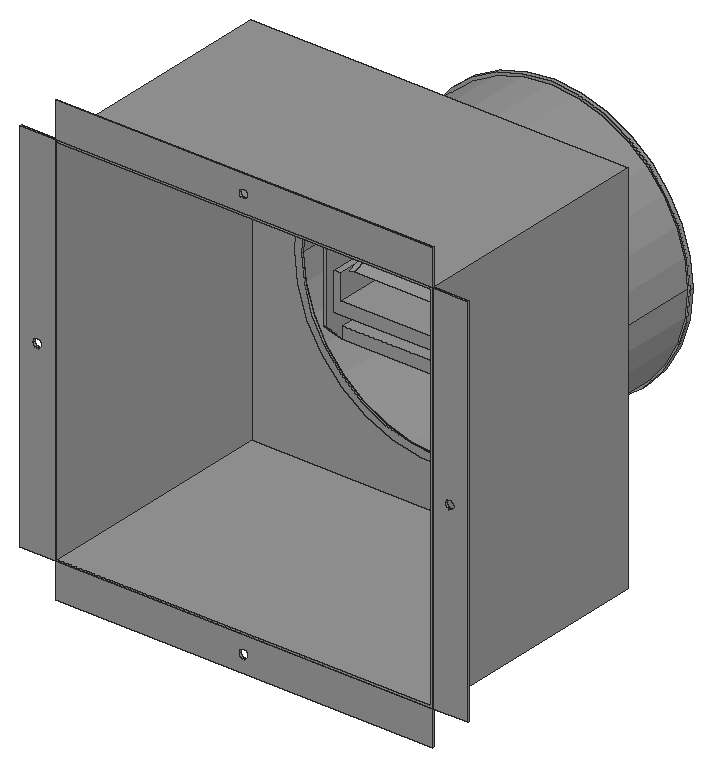
Revit family "CRB-10-S", category Mechanical Equipment, Revit 2015
Parameters (values of type "8 x 8 (6" Damper)")
  URL = "http://unitedenertech.com/catalog/pdf/L_4a%20System%20CRB-10-S.pdf"
  Model = "CRB-10-S"
  Manufacturer = "United Enertech Corporation"
  Keynote = "Arrangement #1 shown, consult factory for alternate arrangement models."
  Hole Radius = 0' - 2 115/128"
  Description = "Constant Volume Regulator for Supply Applications"
  Depth = 0' - 5.19"
  Collar I.D. [instance] = Hole Radius - 0' 0 9/256"  # 0' - 2 221/256"
  Collar Flange [instance] = Hole Radius + 0' 0 1/8"  # 0' - 3 3/128"
  Collar Depth = 0' - 3 3/128"
  CR Type = CR 6 (Sleeveless) : CR 6 (Sleeveless)
  Box Width = 0' - 8"
  Box Height = 0' - 8"
Types (12): name | Hole Radius | Collar I.D. | Collar Flange | Collar Depth | CR Type | Box Width | Box Height
  (no name) | 0' - 2 115/128" | 0' - 2 221/256" | 0' - 3 3/128" | 0' - 3 3/128" | CR 6 (Sleeveless) : CR 6 (Sleeveless) | 0' - 8" | 0' - 8"
  6 x 4 (4" Damper) | 0' - 1 99/128" | 0' - 1 189/256" | 0' - 1 115/128" | 0' - 2 91/256" | CR 4 (Sleeveless) : CR 4 (Sleeveless) | 0' - 6" | 0' - 4"
  6 x 6 (4" Damper) | 0' - 1 99/128" | 0' - 1 189/256" | 0' - 1 115/128" | 0' - 2 91/256" | CR 4 (Sleeveless) : CR 4 (Sleeveless) | 0' - 6" | 0' - 6"
  6 x 6 (5" Damper) | 0' - 2 1/4" | 0' - 2 55/256" | 0' - 2 3/8" | 0' - 1 117/128" | CR 5 (Sleeveless) : CR 5 (Sleeveless) | 0' - 6" | 0' - 6"
  8 x 8 (4" Damper) | 0' - 1 99/128" | 0' - 1 189/256" | 0' - 1 115/128" | 0' - 2 91/256" | CR 4 (Sleeveless) : CR 4 (Sleeveless) | 0' - 8" | 0' - 8"
  8 x 8 (5" Damper) | 0' - 2 1/4" | 0' - 2 55/256" | 0' - 2 3/8" | 0' - 1 117/128" | CR 5 (Sleeveless) : CR 5 (Sleeveless) | 0' - 8" | 0' - 8"
  8 x 8 (6" Damper) | 0' - 2 115/128" | 0' - 2 221/256" | 0' - 3 3/128" | 0' - 3 3/128" | CR 6 (Sleeveless) : CR 6 (Sleeveless) | 0' - 8" | 0' - 8"
  10 x 10 (6" Damper) | 0' - 2 115/128" | 0' - 2 221/256" | 0' - 3 3/128" | 0' - 3 3/128" | CR 6 (Sleeveless) : CR 6 (Sleeveless) | 0' - 10" | 0' - 10"
  10 x 10 (8" Damper) | 0' - 3 101/128" | 0' - 3 193/256" | 0' - 3 117/128" | 0' - 3 3/128" | CR 8 (Sleeveless) : CR 8 (Sleeveless) | 0' - 10" | 0' - 10"
  12 x 12 (8" Damper) | 0' - 3 101/128" | 0' - 3 193/256" | 0' - 3 117/128" | 0' - 3 3/128" | CR 8 (Sleeveless) : CR 8 (Sleeveless) | 1' - 0" | 1' - 0"
  12 x 12 (10" Damper) | 0' - 4 99/128" | 0' - 4 189/256" | 0' - 4 115/128" | 0' - 3 3/128" | CR 10 (Sleeveless) : CR 10 (Sleeveless) | 1' - 0" | 1' - 0"
  14 x 14 (10" Damper) | 0' - 4 99/128" | 0' - 4 189/256" | 0' - 4 115/128" | 0' - 3 3/128" | CR 10 (Sleeveless) : CR 10 (Sleeveless) | 1' - 2" | 1' - 2"
Reference planes (in)
  plane 1 "Center (Front/Back)": y = 0
  plane 2: z = 0
  plane 3 "Center (Left/Right)": x = 0
  plane 4: x = -4
  plane 5: x = 4
  plane 6: z = 4
  plane 7: z = -4
  plane 8: y = 0.0359
  plane 9: y = -5.1541
  plane 10: x = -4.75
  plane 11: x = -3.9641
  plane 12: x = 4.75
  plane 13: x = 3.9641
  plane 14: z = 3.9641
  plane 15: z = 4.75
  plane 16: z = -3.9641
  plane 17: z = -4.75
  plane 18: x = -4.375
  plane 19: x = 4.375
  plane 20: z = -4.375
  plane 21: z = 4.375
  plane 22: y = -5.1182
  plane 23: y = -0.0359
  plane 24: y = 3.05934
Forms (in)
  Extrusion 1, solid, material "Steel, Galvanized"
    sketch origin (0, 0, 0) x (1, 0, 0) y (0, 0, 1)
      loop
        line (-4, 4) -> (-4, -4) -> (4, -4) -> (4, 4) -> (-4, 4)
    from -0.0359 to 5.1541
  Extrusion 2, void
    sketch origin (0, 0, 0) x (1, 0, 0) y (0, 0, 1)
      loop
        line (-3.9641, 3.9641) -> (-3.9641, -3.9641) -> (3.9641, -3.9641) -> (3.9641, 3.9641) -> (-3.9641, 3.9641)
    from 6.24878 to 0
  Extrusion 3, solid, material "Steel, Galvanized"
    sketch origin (0, 0, 0) x (1, 0, 0) y (0, 0, 1)
      loop
        line (-4, 4.75) -> (-4, 4) -> (4, 4) -> (4, 4.75) -> (-4, 4.75)
    from 5.1182 to 5.1541
  Extrusion 4, solid, material "Steel, Galvanized"
    sketch origin (0, 0, 0) x (1, 0, 0) y (0, 0, 1)
      loop
        line (-4, -4) -> (-4, -4.75) -> (4, -4.75) -> (4, -4) -> (-4, -4)
    from 5.1182 to 5.1541
  Extrusion 5, solid, material "Steel, Galvanized"
    sketch origin (0, 0, 0) x (1, 0, 0) y (0, 0, 1)
      loop
        line (-4.75, 4) -> (-4.75, -4) -> (-4, -4) -> (-4, 4) -> (-4.75, 4)
    from 5.1182 to 5.1541
  Extrusion 6, solid, material "Steel, Galvanized"
    sketch origin (0, 0, 0) x (1, 0, 0) y (0, 0, 1)
      loop
        line (4, 4) -> (4, -4) -> (4.75, -4) -> (4.75, 4) -> (4, 4)
    from 5.1182 to 5.1541
  Extrusion 7, void
    sketch origin (0, 0, 0) x (1, 0, 0) y (0, 0, 1)
      loop
        circle (0, 4.375) r 0.09375
    from 4.67132 to 5.51796
  Extrusion 8, void
    sketch origin (0, 0, 0) x (1, 0, 0) y (0, 0, 1)
      loop
        circle (0, -4.375) r 0.09375
    from 4.45966 to 5.88837
  Extrusion 9, void
    sketch origin (0, 0, 0) x (1, 0, 0) y (0, 0, 1)
      loop
        circle (-4.375, 0) r 0.09375
    from 4.56549 to 5.83545
  Extrusion 10, void
    sketch origin (0, 0, 0) x (1, 0, 0) y (0, 0, 1)
      loop
        circle (4.375, 0) r 0.09375
    from 4.40674 to 5.88837
  Extrusion 11, void
    sketch origin (0, 0, 0) x (1, 0, 0) y (0, 0, 1)
      loop
        circle (0, 0) r 2.89844
    from -0.62019 to 0.86143
  Extrusion 12, solid, material "Steel, Galvanized"
    sketch origin (0, 0, 0) x (1, 0, 0) y (0, 0, 1)
      loop
        circle (0, 0) r 2.86328
      loop
        circle (0, 0) r 3.02344
    from 0 to 0.0359
  Extrusion 13, solid, material "Steel, Galvanized"
    sketch origin (0, 0, 0) x (1, 0, 0) y (0, 0, 1)
      loop
        circle (0, 0) r 2.86328
      loop
        circle (0, 0) r 2.89844
    from -3.05934 to 0
Cuts and joins
  Extrusion 2, Extrusion 11 cuts Extrusion 1
  Extrusion 7 cuts Extrusion 3
  Extrusion 8 cuts Extrusion 4
  Extrusion 9 cuts Extrusion 5
  Extrusion 10 cuts Extrusion 6
Dimensions and locks (in)
  equal spacing: plane 4, plane 3 "Center (Left/Right)", plane 5
  equal spacing: plane 6, level, plane 7
  "Box Height": plane 6 to plane 7
  "Box Width": plane 4 to plane 5
  "Depth": plane 8 to plane 9
  locked: plane 10 to plane 4 at 0.75
  locked: plane 4 to plane 11 at 0.0359
  locked: plane 13 to plane 5 at 0.0359
  locked: plane 12 to plane 5 at 0.75
  locked: plane 15 to plane 6 at 0.75
  locked: plane 6 to plane 14 at 0.0359
  locked: plane 7 to plane 17 at 0.75
  locked: plane 16 to plane 7 at 0.0359
  locked: plane 18 to plane 10 at 0.375
  locked: plane 12 to plane 19 at 0.375
  locked: plane 15 to plane 21 at 0.375
  locked: plane 20 to plane 17 at 0.375
  locked: plane 22 to plane 9 at 0.0359
  locked: plane 1 "Center (Front/Back)" to plane 23 at 0.0359
  "Collar Depth": plane 24 to plane 8
  "Hole Radius": radius of Extrusion 11 sketch curve
  "Collar I.D.": radius of Extrusion 12 sketch curve
  "Collar Flange": radius of Extrusion 12 sketch curve
  "Collar I.D.": radius of Extrusion 13 sketch curve
  "Hole Radius": radius of Extrusion 13 sketch curve
  aligned and locked: level to plane 2
  aligned and locked: Extrusion 1 sketch curve to plane 6
  aligned and locked: Extrusion 1 sketch curve to plane 5
  aligned and locked: plane 7 to Extrusion 1 sketch curve
  aligned and locked: Extrusion 1 sketch curve to plane 4
  aligned and locked: plane 8 to Extrusion 1
  aligned and locked: Extrusion 1 to plane 9
  aligned and locked: plane 14 to Extrusion 2 sketch curve
  aligned and locked: plane 11 to Extrusion 2 sketch curve
  aligned and locked: plane 13 to Extrusion 2 sketch curve
  aligned and locked: plane 16 to Extrusion 2 sketch curve
  aligned and locked: Extrusion 2 to plane 1 "Center (Front/Back)"
  aligned and locked: plane 15 to Extrusion 3 sketch curve
  aligned and locked: plane 6 to Extrusion 3 sketch curve
  aligned and locked: Extrusion 3 sketch curve to plane 5
  aligned and locked: Extrusion 3 sketch curve to plane 4
  aligned and locked: plane 17 to Extrusion 4 sketch curve
  aligned and locked: Extrusion 4 sketch curve to plane 7
  aligned and locked: Extrusion 4 sketch curve to plane 5
  aligned and locked: Extrusion 4 sketch curve to plane 4
  aligned and locked: plane 10 to Extrusion 5 sketch curve
  aligned and locked: plane 4 to Extrusion 5 sketch curve
  aligned and locked: plane 7 to Extrusion 5 sketch curve
  aligned and locked: Extrusion 5 sketch curve to plane 6
  aligned and locked: plane 12 to Extrusion 6 sketch curve
  aligned and locked: plane 5 to Extrusion 6 sketch curve
  aligned and locked: plane 7 to Extrusion 6 sketch curve
  aligned and locked: Extrusion 6 sketch curve to plane 6
  aligned and locked: plane 22 to Extrusion 3
  aligned and locked: plane 22 to Extrusion 5
  aligned and locked: plane 22 to Extrusion 6
  aligned and locked: plane 22 to Extrusion 4
  aligned and locked: Extrusion 5 to plane 9
  aligned and locked: Extrusion 3 to plane 9
  aligned and locked: Extrusion 6 to plane 9
  aligned and locked: Extrusion 4 to plane 9
  aligned and locked: Extrusion 12 to plane 1 "Center (Front/Back)"
  aligned and locked: Extrusion 12 to plane 23
  aligned and locked: plane 24 to Extrusion 13
  aligned and locked: plane 1 "Center (Front/Back)" to Extrusion 13
  aligned and locked: plane 3 "Center (Left/Right)" to nested 1
  aligned and locked: nested 1 to plane 24
Automatic sketch dimensions
  Extrusion 7 sketch curve to plane 3 "Center (Left/Right)" = 0' - 0"
  Extrusion 7 sketch curve to plane 21 = 0' - 0"
  Extrusion 8 sketch curve to plane 3 "Center (Left/Right)" = 0' - 0"
  Extrusion 8 sketch curve to plane 20 = 0' - 0"
  Extrusion 9 sketch curve to level = 0' - 0"
  plane 18 to Extrusion 9 sketch curve = 0' - 0"
  Extrusion 10 sketch curve to level = 0' - 0"
  Extrusion 10 sketch curve to plane 19 = 0' - 0"
  Extrusion 11 sketch curve to level = 0' - 0"
  Extrusion 11 sketch curve to plane 3 "Center (Left/Right)" = 0' - 0"
  Extrusion 12 sketch curve to Extrusion 12 sketch curve = 0' - 0"  (x2)
  Extrusion 12 sketch curve to level = 0' - 0"
  Extrusion 12 sketch curve to plane 3 "Center (Left/Right)" = 0' - 0"
  Extrusion 13 sketch curve to Extrusion 13 sketch curve = 0' - 0"  (x2)
  Extrusion 13 sketch curve to level = 0' - 0"
  Extrusion 13 sketch curve to plane 3 "Center (Left/Right)" = 0' - 0"
  radius of Extrusion 7 sketch curve = 0' - 0 3/32"
  radius of Extrusion 8 sketch curve = 0' - 0 3/32"
  radius of Extrusion 9 sketch curve = 0' - 0 3/32"
  radius of Extrusion 10 sketch curve = 0' - 0 3/32"
Nested families (in)
  nested 1: "CR 6 (Sleeveless)" at (0, 3.05934, 0) x (-1, 0, 0) z (0, 0, 1), type <- "CR Type", type "CR 6 (Sleeveless)"
Definition of nested family "CR 6 (Sleeveless)"
  Parameters (values of type "CR 6 (Sleeveless)")
    URL = "http://unitedenertech.com/catalog/pdf/L_2B,C%20Model%20CR.pdf"
    Type Comments = "6\" Diameter Model"
    Model = "CR"
    Manufacturer = "United Enertech Corporation"
    Description = "Precision/Flow Damper"
    Damper O.D. = 0' - 5.90095"
  Reference planes (in)
    plane 1 "Center (Front/Back)": y = 0
    plane 2: z = 0
    plane 3 "Center (Left/Right)": x = 0
    plane 4: x = 2.95048
    plane 5: x = -2.95048
  Forms (in)
    Extrusion 1, solid
      sketch origin (0, 0, 0) x (1, 0, 0) y (0, 0, 1)
        loop
          circle (0, 0) r 2.95048
      from 0 to -1.45
    Extrusion 2, void
      sketch origin (0, 0, 0) x (1, 0, 0) y (0, 0, 1)
        loop
          line (2.34375, 0) -> (2.34375, 1.56595)
          arc (2.34375, 1.56595) -> (1.32879, 2.4859) -> (0, 2.81875) r 2.81875
          arc (0, 2.81875) -> (-1.32879, 2.4859) -> (-2.34375, 1.56595) r 2.81875
          line (-2.34375, 1.56595) -> (-2.34375, -1.38375) -> (0, -1.38375) -> (2.34375, -1.38375) -> (2.34375, 0)
      from 0 to -3.83307
    Extrusion 3, solid
      sketch origin (0, 0, 0) x (0, 1, 0) y (0, 0, 1)
        loop
          line (1.45, 1.56595) -> (1.45, -1.63375) -> (2.675, -1.63375) -> (3.075, -1.23375) -> (3.075, 0.41595) -> (1.45, 1.56595)
      from 2.34375 to 2.42375
    Extrusion 4, solid
      sketch origin (0, 0, 0) x (0, 1, 0) y (0, 0, -1)
        loop
          line (1.45, -1.56595) -> (3.075, -0.41595) -> (3.075, 1.23375) -> (2.675, 1.63375) -> (1.45, 1.63375) -> (1.45, -1.56595)
      from 2.34375 to 2.42375
    Extrusion 5, solid
      sketch origin (0, 0, 0) x (0, 1, 0) y (0, 0, 1)
        loop
          line (1.45, -1.63375) -> (2.675, -1.63375) -> (2.675, -1.38375) -> (1.45, -1.38375) -> (1.45, -1.63375)
      from 2.34375 to -2.34375
    Extrusion 6, void
      sketch origin (0, 0, 0) x (1, 0, 0) y (0, 0, 1)
        loop
          line (-2.42375, 1.56595) -> (-2.42375, 1.67066)
          arc (-2.42375, 1.67066) -> (-2.84696, -0.74864) -> (-1.28843, -2.64681) r 2.94375
          arc (-1.28843, -2.64681) -> (2.23212, -1.91919) -> (2.42375, 1.67066) r 2.94375
          line (2.42375, 1.67066) -> (2.42375, -1.63375) -> (-2.42375, -1.63375) -> (-2.42375, 1.56595)
      from -0.31146 to -3.5842
    Extrusion 7, void
      sketch origin (0, 0, 0) x (1, 0, 0) y (0, 0, 1)
        loop
          arc (-2.42375, 1.52225) -> (-2.86213, 0) -> (-2.42375, -1.52225) r 2.86213
          line (-2.42375, -1.52225) -> (-2.42375, 1.52225)
        loop
          line (2.42375, 1.52225) -> (2.42375, -1.52225)
          arc (2.42375, -1.52225) -> (2.86213, 0) -> (2.42375, 1.52225) r 2.86213
        loop
          arc (-2.35004, -1.63375) -> (0, -2.86213) -> (2.35004, -1.63375) r 2.86213
          line (2.35004, -1.63375) -> (-2.35004, -1.63375)
      from -0.085 to -1.45
    Extrusion 8, solid
      sketch origin (0, 0, 0) x (1, 0, 0) y (0, 0, 1)
        loop
          line (-2.44375, -1.17375) -> (-1.02975, -2.27121)
          arc (-1.02975, -2.27121) -> (-0.52676, -2.43748) -> (0, -2.49375) r 2.49375
          arc (0, -2.49375) -> (0.52676, -2.43748) -> (1.02975, -2.27121) r 2.49375
          line (1.02975, -2.27121) -> (2.44375, -1.17375) -> (2.44375, -0.17375) -> (2.35375, -0.17375) -> (2.35375, -0.22375) -> (2.18375, -0.22375) -> (2.18375, -0.75775) -> (-2.18375, -0.75775) -> (-2.18375, -0.22375) -> (-2.35375, -0.22375) -> (-2.35375, -0.17375) -> (-2.44375, -0.17375) -> (-2.44375, -1.17375)
      from 0 to 0.08
    Extrusion 9, solid
      sketch origin (0, 0, 0) x (1, 0, 0) y (0, 0, 1)
        loop
          line (-1.00274, -1.63375) -> (-1.00274, -2.63586)
          arc (-1.00274, -2.63586) -> (-0.96285, -2.65069) -> (-0.92274, -2.66492) r 2.82015
          line (-0.92274, -2.66492) -> (-0.92274, -1.63375) -> (-1.00274, -1.63375)
      from 0 to 0.05168
    Extrusion 10, solid
      sketch origin (0, 0, 0) x (-1, 0, 0) y (0, 0, -1)
        loop
          line (-1.00274, 1.63375) -> (-0.92274, 1.63375) -> (-0.92274, 2.66492)
          arc (-0.92274, 2.66492) -> (-0.96285, 2.65069) -> (-1.00274, 2.63586) r 2.82015
          line (-1.00274, 2.63586) -> (-1.00274, 1.63375)
      from 0 to 0.05168
    Blend 11, solid
      base sketch origin (0, 0, 0) x (1, 0, 0) y (0, 0, 1)
        loop
          arc (-1.02975, -2.27121) -> (0, -2.49375) -> (1.02975, -2.27121) r 2.49375
          line (1.02975, -2.27121) -> (1.02975, -0.75775) -> (-1.02975, -0.75775) -> (-1.02975, -2.27121)
      top sketch origin (0, 0, 0) x (1, 0, 0) y (0, 0, 1)
        loop
          line (-1.02975, -0.75775) -> (-1.11975, -0.75775) -> (-1.11975, -2.20136) -> (-1.02975, -2.27121)
          arc (-1.02975, -2.27121) -> (0, -2.49375) -> (1.02975, -2.27121) r 2.49375
          line (1.02975, -2.27121) -> (1.11975, -2.20136) -> (1.11975, -0.75775) -> (1.02975, -0.75775) -> (-1.02975, -0.75775)
      from 0.16 to 0.08
    Extrusion 12, void
      sketch origin (0, 0, 0) x (1, 0, 0) y (0, 0, 1)
        loop
          line (0, -0.83775) -> (-0.47, -0.83775) -> (-0.47, -2.35225)
          arc (-0.47, -2.35225) -> (-0.23615, -2.3871) -> (0, -2.39875) r 2.39875
          arc (0, -2.39875) -> (0.23615, -2.3871) -> (0.47, -2.35225) r 2.39875
          line (0.47, -2.35225) -> (0.47, -0.83775) -> (0, -0.83775)
      from 0.08 to 0.16
    Extrusion 13, void
      sketch origin (0, 0, 0) x (1, 0, 0) y (0, 0, 1)
        loop
          line (-0.47, -0.83775) -> (-0.47, -0.93775) -> (0.47, -0.93775) -> (0.47, -0.83775) -> (-0.47, -0.83775)
      from 0 to 0.16
    Extrusion 14, void
      sketch origin (0, 0, 0) x (1, 0, 0) y (0, 0, 1)
        loop
          line (-0.738, -1.11125) -> (-0.738, -2.17208)
          arc (-0.738, -2.17208) -> (-0.6705, -2.23958) -> (-0.603, -2.17208) r 0.0675
          line (-0.603, -2.17208) -> (-0.603, -1.11125)
          arc (-0.603, -1.11125) -> (-0.6705, -1.04375) -> (-0.738, -1.11125) r 0.0675
        loop
          arc (0.738, -1.11125) -> (0.6705, -1.04375) -> (0.603, -1.11125) r 0.0675
          line (0.603, -1.11125) -> (0.603, -2.17208)
          arc (0.603, -2.17208) -> (0.6705, -2.23958) -> (0.738, -2.17208) r 0.0675
          line (0.738, -2.17208) -> (0.738, -1.11125)
      from 0 to 0.26809
    Extrusion 15, void
      sketch origin (0, 0, 0) x (1, 0, 0) y (0, 0, 1)
        loop
          line (-0.78878, -1.11125) -> (-0.78878, -2.17208)
          arc (-0.78878, -2.17208) -> (-0.6705, -2.29036) -> (-0.55222, -2.17208) r 0.11828
          line (-0.55222, -2.17208) -> (-0.55222, -1.11125)
          arc (-0.55222, -1.11125) -> (-0.6705, -0.99297) -> (-0.78878, -1.11125) r 0.11828
        loop
          arc (0.78878, -1.11125) -> (0.6705, -0.99297) -> (0.55222, -1.11125) r 0.11828
          line (0.55222, -1.11125) -> (0.55222, -2.17208)
          arc (0.55222, -2.17208) -> (0.6705, -2.29036) -> (0.78878, -2.17208) r 0.11828
          line (0.78878, -2.17208) -> (0.78878, -1.11125)
      from 0.08 to 0.26809
    Extrusion 16, solid
      sketch origin (0, 0, 0.38301) x (1, 0, 0) y (0, 0, 1)
        loop
          circle (-0.6705, -2.23958) r 0.10606
      from 0.08 to 0.16
    Extrusion 17, solid
      sketch origin (0, 0, -0.10606) x (1, 0, 0) y (0, 0, 1)
        loop
          circle (-0.6705, -1.75052) r 0.05796
      from 0 to 0.08
    Extrusion 18, void
      sketch origin (0, 0, 0) x (1, 0, 0) y (0, 0, 1)
        loop
          line (-0.62476, -1.79125) -> (-0.7042, -1.7843) -> (-0.74995, -1.84962) -> (-0.71624, -1.9219) -> (-0.6368, -1.92885) -> (-0.59105, -1.86352) -> (-0.62476, -1.79125)
      from 0.12205 to 0.26809
    Extrusion 19, solid
      sketch origin (0, 0, 0.38301) x (-1, 0, 0) y (0, 0, -1)
        loop
          circle (-0.6705, 2.23958) r 0.10606
      from 0.08 to 0.16
    Extrusion 20, solid
      sketch origin (0, 0, -0.10606) x (-1, 0, 0) y (0, 0, -1)
        loop
          circle (-0.6705, 1.75052) r 0.05796
      from 0 to 0.08
    Extrusion 21, void
      sketch origin (0, 0, 0) x (-1, 0, 0) y (0, 0, -1)
        loop
          line (-0.62476, 1.79125) -> (-0.59105, 1.86352) -> (-0.6368, 1.92885) -> (-0.71624, 1.9219) -> (-0.74995, 1.84962) -> (-0.7042, 1.7843) -> (-0.62476, 1.79125)
      from 0.12205 to 0.26809
    Extrusion 22, solid
      sketch origin (0, 0, 0) x (1, 0, 0) y (0, 1, 0)
        loop
          line (-0.6725, 0.915) -> (-0.6725, 0.265) -> (0.6725, 0.265) -> (0.6725, 0.915) -> (-0.6725, 0.915)
      from -0.75775 to -0.31775
    Extrusion 23, solid
      sketch origin (0, 0, 0) x (1, 0, 0) y (0, 0, 1)
        loop
          line (-2.34375, -0.22375) -> (-2.34375, -1.00775) -> (2.34375, -1.00775) -> (2.34375, -0.75775) -> (2.34375, -0.22375) -> (2.18375, -0.22375) -> (2.18375, -0.75775) -> (-2.18375, -0.75775) -> (-2.18375, -0.22375) -> (-2.34375, -0.22375)
      from -2.91717 to 0
    Extrusion 24, solid
      sketch origin (0, 0, 0) x (0, 1, 0) y (0, 0, 1)
        loop
          arc (-0.05557, -0.17375) -> (-0.07998, -0.19906) -> (-0.05382, -0.22255) r 0.02443
          line (-0.05382, -0.22255) -> (0.82534, -0.22453)
          arc (0.82534, -0.22453) -> (0.8563, -0.22254) -> (0.88675, -0.2166) r 0.24181
          line (0.88675, -0.2166) -> (1.28312, -0.11252)
          arc (1.28312, -0.11252) -> (1.31381, -0.10654) -> (1.34502, -0.10453) r 0.24371
          line (1.34502, -0.10453) -> (2.23036, -0.10453)
          arc (2.23036, -0.10453) -> (2.2978, -0.11001) -> (2.36347, -0.1263) r 0.41795
          line (2.36347, -0.1263) -> (2.44483, -0.15363) -> (2.461, -0.10549) -> (2.37965, -0.07816)
          arc (2.37965, -0.07816) -> (2.306, -0.05989) -> (2.23036, -0.05375) r 0.46873
          line (2.23036, -0.05375) -> (1.34502, -0.05375)
          arc (1.34502, -0.05375) -> (1.30731, -0.05617) -> (1.27023, -0.06341) r 0.29449
          line (1.27023, -0.06341) -> (0.87385, -0.16749)
          arc (0.87385, -0.16749) -> (0.8498, -0.17218) -> (0.82534, -0.17375) r 0.19103
          line (0.82534, -0.17375) -> (-0.05557, -0.17375)
      from -2.31257 to 2.31257
    Extrusion 25, solid
      sketch origin (0, 0, 0) x (0, 1, 0) y (0, 0, 1)
        loop
          line (2.461, -0.10549) -> (2.44483, -0.15363) -> (2.36347, -0.1263)
          arc (2.36347, -0.1263) -> (2.2978, -0.11001) -> (2.23036, -0.10453) r 0.41795
          line (2.23036, -0.10453) -> (1.34502, -0.10453)
          arc (1.34502, -0.10453) -> (1.31381, -0.10654) -> (1.28312, -0.11252) r 0.24371
          line (1.28312, -0.11252) -> (0.88675, -0.2166)
          arc (0.88675, -0.2166) -> (0.86576, -0.22113) -> (0.84446, -0.22377) r 0.24181
          line (0.84446, -0.22377) -> (-0.05382, -0.22255) -> (0.14264, -0.35993) -> (2.3582, -0.35993) -> (2.7537, -0.22375) -> (2.461, -0.10549)
      from 2.02394 to 2.12394
    Extrusion 26, solid
      sketch origin (0, 0, 0) x (0, 1, 0) y (0, 0, -1)
        loop
          line (2.461, 0.10549) -> (2.7537, 0.22375) -> (2.3582, 0.35993) -> (0.14264, 0.35993) -> (-0.05382, 0.22255) -> (0.84446, 0.22377)
          arc (0.84446, 0.22377) -> (0.86576, 0.22113) -> (0.88675, 0.2166) r 0.24181
          line (0.88675, 0.2166) -> (1.28312, 0.11252)
          arc (1.28312, 0.11252) -> (1.31381, 0.10654) -> (1.34502, 0.10453) r 0.24371
          line (1.34502, 0.10453) -> (2.23036, 0.10453)
          arc (2.23036, 0.10453) -> (2.2978, 0.11001) -> (2.36347, 0.1263) r 0.41795
          line (2.36347, 0.1263) -> (2.44483, 0.15363) -> (2.461, 0.10549)
      from 2.02394 to 2.12394
    Extrusion 27, solid
      sketch origin (0, 0, 0) x (0, 1, 0) y (0, 0, 1)
        loop
          line (2.461, -0.10549) -> (2.44483, -0.15363) -> (2.61838, -0.22375) -> (2.7537, -0.22375) -> (2.461, -0.10549)
      from -2.02394 to 2.02394
    Extrusion 28, solid
      sketch origin (0, 0, 0) x (0, 1, 0) y (0, 0, 1)
        loop
          line (-0.05382, -0.22255) -> (0.08135, -0.31707) -> (0.09937, -0.2913) -> (0.00277, -0.22375) -> (-0.05382, -0.22255)
      from -2.02394 to 2.02394
    Extrusion 29, void
      sketch origin (0, 0, 0) x (1, 0, 0) y (0, 0, 1)
        loop
          circle (0, 0) r 2.86213
        loop
          circle (0, 0) r 3.25
      from -4.24575 to -0.085
  Cuts and joins
    Extrusion 2, Extrusion 6, Extrusion 7, Extrusion 12, Extrusion 14, Extrusion 15, Extrusion 18, Extrusion 29 cuts Extrusion 1
    Extrusion 6, Extrusion 7, Extrusion 12, Extrusion 14, Extrusion 15, Extrusion 18, Extrusion 29 cuts Extrusion 3
    Extrusion 6, Extrusion 7, Extrusion 12, Extrusion 14, Extrusion 15, Extrusion 18, Extrusion 29 cuts Extrusion 4
    Extrusion 6, Extrusion 7, Extrusion 12, Extrusion 14, Extrusion 15, Extrusion 18, Extrusion 29 cuts Extrusion 5
    joined: Extrusion 1, Extrusion 3, Extrusion 4, Extrusion 5
    Extrusion 12, Extrusion 13, Extrusion 14, Extrusion 15, Extrusion 18 cuts Extrusion 8
    Extrusion 12, Extrusion 13, Extrusion 14, Extrusion 15, Extrusion 18 cuts Blend 11
    joined: Extrusion 8, Blend 11, Extrusion 23
    Extrusion 18, Extrusion 21 cuts Extrusion 16
    Extrusion 18 cuts Extrusion 17
    Extrusion 21 cuts Extrusion 19
    joined: Extrusion 24, Extrusion 27
  Dimensions and locks (in)
    "Damper O.D.": plane 5 to plane 4
    aligned and locked: level to plane 2
  Automatic sketch dimensions
    Extrusion 1 sketch curve to level = 0' - 0"
    Extrusion 1 sketch curve to plane 3 "Center (Left/Right)" = 0' - 0"
    Extrusion 2 sketch curve to Extrusion 2 sketch curve = 0' - 0"  (x2)
    Extrusion 2 sketch curve to plane 3 "Center (Left/Right)" = 0' - 0"  (x2)
    Extrusion 2 sketch curve to level = 0' - 0"  (x2)
    Extrusion 2 sketch curve to plane 5 = 0' - 0.60673"
    plane 4 to Extrusion 2 sketch curve = 0' - 0.60673"
    Extrusion 2 sketch curve to level = 0' - 1.38375"
    level to Extrusion 2 sketch curve = 0' - 1.56595"
    Extrusion 3 sketch curve to plane 1 "Center (Front/Back)" = 0' - 1.45"
    Extrusion 3 sketch curve to Extrusion 3 sketch curve = 0' - 1.225"
    level to Extrusion 3 sketch curve = 0' - 0.41595"
    Extrusion 3 sketch curve to Extrusion 3 sketch curve = 0' - 1 5/8"
    Extrusion 3 sketch curve to level = 0' - 1.23375"
    Extrusion 3 sketch curve to level = 0' - 1.63375"
    level to Extrusion 3 sketch curve = 0' - 1.56595"
    Extrusion 4 sketch curve to plane 1 "Center (Front/Back)" = 0' - 1.45"
    Extrusion 4 sketch curve to Extrusion 4 sketch curve = 0' - 1.225"
    level to Extrusion 4 sketch curve = 0' - 0.41595"
    Extrusion 4 sketch curve to Extrusion 4 sketch curve = 0' - 1 5/8"
    level to Extrusion 4 sketch curve = 0' - 1.56595"
    Extrusion 4 sketch curve to level = 0' - 1.23375"
    Extrusion 4 sketch curve to Extrusion 4 sketch curve = 0' - 0.4"
    Extrusion 5 sketch curve to plane 1 "Center (Front/Back)" = 0' - 1.45"
    Extrusion 5 sketch curve to Extrusion 5 sketch curve = 0' - 1.225"
    Extrusion 5 sketch curve to level = 0' - 1.63375"
    Extrusion 5 sketch curve to Extrusion 5 sketch curve = 0' - 0 1/4"
    Extrusion 6 sketch curve to Extrusion 6 sketch curve = 0' - 0"  (x2)
    Extrusion 6 sketch curve to level = 0' - 0"
    Extrusion 6 sketch curve to plane 3 "Center (Left/Right)" = 0' - 0"
    Extrusion 6 sketch curve to plane 5 = 0' - 0.52673"
    plane 4 to Extrusion 6 sketch curve = 0' - 0.52673"
    Extrusion 6 sketch curve to level = 0' - 1.63375"
    level to Extrusion 6 sketch curve = 0' - 1.56595"
    Extrusion 6 sketch curve to Extrusion 6 sketch curve = 0' - 0.10471"
    Extrusion 6 sketch curve to plane 3 "Center (Left/Right)" = 0' - 1.28843"
    Extrusion 7 sketch curve to Extrusion 7 sketch curve = 0' - 0"  (x6)
    Extrusion 7 sketch curve to level = 0' - 0"
    Extrusion 7 sketch curve to plane 3 "Center (Left/Right)" = 0' - 0"
    Extrusion 7 sketch curve to plane 5 = 0' - 0.60044"
    Extrusion 7 sketch curve to Extrusion 7 sketch curve = 0' - 0.07371"  (x2)
    Extrusion 7 sketch curve to level = 0' - 1.52225"  (x2)
    Extrusion 7 sketch curve to Extrusion 7 sketch curve = 0' - 0.1115"
    Extrusion 8 sketch curve to Extrusion 8 sketch curve = 0' - 0"  (x2)
    Extrusion 8 sketch curve to level = 0' - 0"
    Extrusion 8 sketch curve to plane 3 "Center (Left/Right)" = 0' - 0"
    Extrusion 8 sketch curve to plane 3 "Center (Left/Right)" = 0' - 1.02975"
    Extrusion 8 sketch curve to level = 0' - 0.22375"  (x2)
    Extrusion 8 sketch curve to plane 5 = 0' - 0.76673"
    Extrusion 8 sketch curve to Extrusion 8 sketch curve = 0' - 0.17"  (x2)
    Extrusion 8 sketch curve to Extrusion 8 sketch curve = 0' - 0.26"
    plane 3 "Center (Left/Right)" to Extrusion 8 sketch curve = 0' - 1.02975"
    plane 4 to Extrusion 8 sketch curve = 0' - 0.76673"
    Extrusion 8 sketch curve to Extrusion 8 sketch curve = 0' - 0.09"
    Extrusion 8 sketch curve to level = 0' - 0.75775"
    Extrusion 8 sketch curve to Extrusion 8 sketch curve = 0' - 0.416"  (x2)
    Extrusion 8 sketch curve to Extrusion 8 sketch curve = 0' - 1.09746"
    Extrusion 8 sketch curve to Extrusion 8 sketch curve = 0' - 0.05"  (x2)
    Extrusion 9 sketch curve to level = 0' - 0"
    Extrusion 9 sketch curve to plane 3 "Center (Left/Right)" = 0' - 0"
    Extrusion 9 sketch curve to plane 3 "Center (Left/Right)" = 0' - 0.92274"
    Extrusion 9 sketch curve to Extrusion 9 sketch curve = 0' - 0.08"
    Extrusion 9 sketch curve to level = 0' - 1.63375"
    Extrusion 9 sketch curve to Extrusion 9 sketch curve = 0' - 1.00211"
    Extrusion 10 sketch curve to level = 0' - 0"
    Extrusion 10 sketch curve to plane 3 "Center (Left/Right)" = 0' - 0"
    Extrusion 10 sketch curve to plane 3 "Center (Left/Right)" = 0' - 0.92274"
    Extrusion 10 sketch curve to Extrusion 10 sketch curve = 0' - 0.08"
    level to Extrusion 10 sketch curve = 0' - 1.63375"
    Extrusion 10 sketch curve to Extrusion 10 sketch curve = 0' - 1.00211"
    Blend 11 sketch curve to level = 0' - 0"  (x2)
    Blend 11 sketch curve to plane 3 "Center (Left/Right)" = 0' - 0"  (x2)
    Blend 11 sketch curve to plane 3 "Center (Left/Right)" = 0' - 1.02975"  (x3)
    plane 3 "Center (Left/Right)" to Blend 11 sketch curve = 0' - 1.02975"  (x3)
    Blend 11 sketch curve to level = 0' - 0.75775"  (x2)
    Blend 11 sketch curve to Blend 11 sketch curve = 0' - 1.51346"
    Blend 11 sketch curve to Blend 11 sketch curve = 0' - 0.09"  (x2)
    Blend 11 sketch curve to Blend 11 sketch curve = 0' - 1.44361"  (x2)
    Blend 11 sketch curve to Blend 11 sketch curve = 0' - 0.06985"
    Extrusion 12 sketch curve to Extrusion 12 sketch curve = 0' - 0"  (x2)
    Extrusion 12 sketch curve to plane 3 "Center (Left/Right)" = 0' - 0"  (x2)
    Extrusion 12 sketch curve to level = 0' - 0"
    Extrusion 12 sketch curve to plane 3 "Center (Left/Right)" = 0' - 0.47"
    Extrusion 12 sketch curve to Extrusion 12 sketch curve = 0' - 0.47"
    Extrusion 12 sketch curve to level = 0' - 0.83775"
    Extrusion 12 sketch curve to Extrusion 12 sketch curve = 0' - 1.5145"
    Extrusion 13 sketch curve to plane 3 "Center (Left/Right)" = 0' - 0.47"
    plane 3 "Center (Left/Right)" to Extrusion 13 sketch curve = 0' - 0.47"
    Extrusion 13 sketch curve to level = 0' - 0.93775"
    Extrusion 13 sketch curve to Extrusion 13 sketch curve = 0' - 0.1"
    Extrusion 14 sketch curve to plane 3 "Center (Left/Right)" = 0' - 0.738"
    Extrusion 14 sketch curve to Extrusion 14 sketch curve = 0' - 0.0675"  (x2)
    plane 3 "Center (Left/Right)" to Extrusion 14 sketch curve = 0' - 0.603"
    Extrusion 14 sketch curve to level = 0' - 2.17208"
    Extrusion 14 sketch curve to Extrusion 14 sketch curve = 0' - 0"
    Extrusion 14 sketch curve to Extrusion 14 sketch curve = 0' - 1.06083"  (x2)
    Extrusion 15 sketch curve to plane 3 "Center (Left/Right)" = 0' - 0.78878"
    Extrusion 15 sketch curve to Extrusion 15 sketch curve = 0' - 0.11828"  (x2)
    plane 3 "Center (Left/Right)" to Extrusion 15 sketch curve = 0' - 0.55222"
    Extrusion 15 sketch curve to level = 0' - 2.17208"
    Extrusion 15 sketch curve to Extrusion 15 sketch curve = 0' - 0"
    Extrusion 15 sketch curve to Extrusion 15 sketch curve = 0' - 1.06083"  (x2)
    Extrusion 16 sketch curve to plane 3 "Center (Left/Right)" = 0' - 0.6705"
    Extrusion 16 sketch curve to level = 0' - 1.85657"
    Extrusion 17 sketch curve to plane 3 "Center (Left/Right)" = 0' - 0.6705"
    Extrusion 17 sketch curve to level = 0' - 1.85657"
    Extrusion 18 sketch curve to plane 3 "Center (Left/Right)" = 0' - 0.74995"
    Extrusion 18 sketch curve to Extrusion 18 sketch curve = 0' - 0.0337"
    Extrusion 18 sketch curve to Extrusion 18 sketch curve = 0' - 0.04574"  (x2)
    Extrusion 18 sketch curve to Extrusion 18 sketch curve = 0' - 0.07945"  (x2)
    Extrusion 18 sketch curve to level = 0' - 1.92885"
    Extrusion 18 sketch curve to Extrusion 18 sketch curve = 0' - 0.00695"
    Extrusion 18 sketch curve to Extrusion 18 sketch curve = 0' - 0.06533"  (x2)
    Extrusion 18 sketch curve to Extrusion 18 sketch curve = 0' - 0.07228"  (x2)
    Extrusion 19 sketch curve to plane 3 "Center (Left/Right)" = 0' - 0.6705"
    level to Extrusion 19 sketch curve = 0' - 1.85657"
    Extrusion 20 sketch curve to plane 3 "Center (Left/Right)" = 0' - 0.6705"
    level to Extrusion 20 sketch curve = 0' - 1.85657"
    Extrusion 21 sketch curve to plane 3 "Center (Left/Right)" = 0' - 0.74995"
    Extrusion 21 sketch curve to Extrusion 21 sketch curve = 0' - 0.0337"
    Extrusion 21 sketch curve to Extrusion 21 sketch curve = 0' - 0.04574"  (x2)
    Extrusion 21 sketch curve to Extrusion 21 sketch curve = 0' - 0.07945"  (x2)
    level to Extrusion 21 sketch curve = 0' - 1.92885"
    Extrusion 21 sketch curve to Extrusion 21 sketch curve = 0' - 0.00695"
    Extrusion 21 sketch curve to Extrusion 21 sketch curve = 0' - 0.06533"  (x2)
    Extrusion 21 sketch curve to Extrusion 21 sketch curve = 0' - 0.07228"  (x2)
    Extrusion 22 sketch curve to plane 1 "Center (Front/Back)" = 0' - 0.265"
    Extrusion 22 sketch curve to plane 3 "Center (Left/Right)" = 0' - 0.6725"
    plane 3 "Center (Left/Right)" to Extrusion 22 sketch curve = 0' - 0.6725"
    Extrusion 22 sketch curve to Extrusion 22 sketch curve = 0' - 0.65"
    Extrusion 23 sketch curve to level = 0' - 0.22375"  (x2)
    Extrusion 23 sketch curve to plane 5 = 0' - 0.60673"
    Extrusion 23 sketch curve to Extrusion 23 sketch curve = 0' - 0.16"  (x2)
    plane 4 to Extrusion 23 sketch curve = 0' - 0.76673"
    Extrusion 23 sketch curve to Extrusion 23 sketch curve = 0' - 0.534"  (x2)
    Extrusion 23 sketch curve to Extrusion 23 sketch curve = 0' - 0 1/4"
    Extrusion 24 sketch curve to Extrusion 24 sketch curve = 0' - 0"  (x6)
    plane 1 "Center (Front/Back)" to Extrusion 24 sketch curve = 0' - 0.05557"
    Extrusion 24 sketch curve to Extrusion 24 sketch curve = 0' - 0.00175"
    Extrusion 24 sketch curve to level = 0' - 0.22453"
    Extrusion 24 sketch curve to plane 1 "Center (Front/Back)" = 0' - 0.82534"
    Extrusion 24 sketch curve to level = 0' - 0.16749"
    Extrusion 24 sketch curve to Extrusion 24 sketch curve = 0' - 0.04852"
    Extrusion 24 sketch curve to level = 0' - 0.2166"
    Extrusion 24 sketch curve to Extrusion 24 sketch curve = 0' - 0.0129"  (x2)
    Extrusion 24 sketch curve to level = 0' - 0.06341"
    Extrusion 24 sketch curve to Extrusion 24 sketch curve = 0' - 0.39637"
    Extrusion 24 sketch curve to level = 0' - 0.11252"
    Extrusion 24 sketch curve to Extrusion 24 sketch curve = 0' - 0.0619"
    Extrusion 24 sketch curve to Extrusion 24 sketch curve = 0' - 0.88534"
    Extrusion 24 sketch curve to level = 0' - 0.1263"
    Extrusion 24 sketch curve to Extrusion 24 sketch curve = 0' - 0.13311"
    Extrusion 24 sketch curve to level = 0' - 0.07816"
    Extrusion 24 sketch curve to level = 0' - 0.15363"
    Extrusion 24 sketch curve to Extrusion 24 sketch curve = 0' - 0.08136"
    Extrusion 24 sketch curve to Extrusion 24 sketch curve = 0' - 0.23572"
    Extrusion 24 sketch curve to Extrusion 24 sketch curve = 0' - 0.0488"
    plane 1 "Center (Front/Back)" to Extrusion 25 sketch curve = 0' - 0.05382"
    Extrusion 25 sketch curve to plane 1 "Center (Front/Back)" = 0' - 0.14264"
    level to Extrusion 25 sketch curve = 0' - 0.01728"
    Extrusion 25 sketch curve to Extrusion 25 sketch curve = 0' - 0.68269"
    Extrusion 25 sketch curve to level = 0' - 0.22377"
    Extrusion 25 sketch curve to Extrusion 25 sketch curve = 0' - 0.01912"
    Extrusion 25 sketch curve to level = 0' - 0.2166"
    Extrusion 25 sketch curve to level = 0' - 0.11252"
    Extrusion 25 sketch curve to Extrusion 25 sketch curve = 0' - 0.39637"
    Extrusion 25 sketch curve to Extrusion 25 sketch curve = 0' - 0.0619"
    Extrusion 25 sketch curve to Extrusion 25 sketch curve = 0' - 0.88534"
    Extrusion 25 sketch curve to Extrusion 25 sketch curve = 0' - 0.12784"
    Extrusion 25 sketch curve to level = 0' - 0.1263"
    Extrusion 25 sketch curve to Extrusion 25 sketch curve = 0' - 0.13311"
    Extrusion 25 sketch curve to level = 0' - 0.15363"
    Extrusion 25 sketch curve to Extrusion 25 sketch curve = 0' - 0.08136"
    Extrusion 25 sketch curve to level = 0' - 0.10549"
    Extrusion 25 sketch curve to level = 0' - 0.22375"
    Extrusion 25 sketch curve to Extrusion 25 sketch curve = 0' - 0.2927"
    Extrusion 25 sketch curve to Extrusion 25 sketch curve = 0' - 0.23572"
    Extrusion 25 sketch curve to level = 0' - 0.35993"
    Extrusion 25 sketch curve to level = 0' - 0.22255"
    plane 1 "Center (Front/Back)" to Extrusion 26 sketch curve = 0' - 0.05382"
    Extrusion 26 sketch curve to plane 1 "Center (Front/Back)" = 0' - 0.14264"
    level to Extrusion 26 sketch curve = 0' - 0.01728"
    Extrusion 26 sketch curve to Extrusion 26 sketch curve = 0' - 0.68269"
    Extrusion 26 sketch curve to level = 0' - 0.22377"
    Extrusion 26 sketch curve to Extrusion 26 sketch curve = 0' - 0.01912"
    Extrusion 26 sketch curve to level = 0' - 0.2166"
    Extrusion 26 sketch curve to level = 0' - 0.11252"
    Extrusion 26 sketch curve to Extrusion 26 sketch curve = 0' - 0.39637"
    Extrusion 26 sketch curve to Extrusion 26 sketch curve = 0' - 0.0619"
    Extrusion 26 sketch curve to Extrusion 26 sketch curve = 0' - 0.88534"
    Extrusion 26 sketch curve to Extrusion 26 sketch curve = 0' - 0.12784"
    Extrusion 26 sketch curve to level = 0' - 0.1263"
    Extrusion 26 sketch curve to Extrusion 26 sketch curve = 0' - 0.13311"
    Extrusion 26 sketch curve to level = 0' - 0.15363"
    Extrusion 26 sketch curve to Extrusion 26 sketch curve = 0' - 0.08136"
    Extrusion 26 sketch curve to level = 0' - 0.10549"
    Extrusion 26 sketch curve to level = 0' - 0.22375"
    Extrusion 26 sketch curve to Extrusion 26 sketch curve = 0' - 0.2927"
    Extrusion 26 sketch curve to level = 0' - 0.10453"
    Extrusion 26 sketch curve to level = 0' - 0.22255"
    Extrusion 26 sketch curve to Extrusion 26 sketch curve = 0' - 0.13738"
    Extrusion 27 sketch curve to level = 0' - 0.15363"
    Extrusion 27 sketch curve to plane 1 "Center (Front/Back)" = 0' - 2.44483"
    Extrusion 27 sketch curve to level = 0' - 0.10549"
    Extrusion 27 sketch curve to Extrusion 27 sketch curve = 0' - 0.01617"
    Extrusion 27 sketch curve to level = 0' - 0.22375"
    Extrusion 27 sketch curve to Extrusion 27 sketch curve = 0' - 0.17355"
    Extrusion 27 sketch curve to Extrusion 27 sketch curve = 0' - 0.13532"
    plane 1 "Center (Front/Back)" to Extrusion 28 sketch curve = 0' - 0.05382"
    Extrusion 28 sketch curve to plane 1 "Center (Front/Back)" = 0' - 0.00277"
    Extrusion 28 sketch curve to plane 1 "Center (Front/Back)" = 0' - 0.08135"
    Extrusion 28 sketch curve to Extrusion 28 sketch curve = 0' - 0.01802"
    Extrusion 28 sketch curve to level = 0' - 0.31707"
    Extrusion 28 sketch curve to Extrusion 28 sketch curve = 0' - 0.02577"
    Extrusion 29 sketch curve to Extrusion 29 sketch curve = 0' - 0"  (x2)
    Extrusion 29 sketch curve to level = 0' - 0"
    Extrusion 29 sketch curve to plane 3 "Center (Left/Right)" = 0' - 0"
    radius of Extrusion 1 sketch curve = 0' - 2.95048"
    radius of Extrusion 16 sketch curve = 0' - 0.10606"
    radius of Extrusion 17 sketch curve = 0' - 0.05796"
    radius of Extrusion 19 sketch curve = 0' - 0.10606"
    radius of Extrusion 20 sketch curve = 0' - 0.05796"
    radius of Extrusion 29 sketch curve = 0' - 2.86213"
    radius of Extrusion 29 sketch curve = 0' - 3 1/4"
